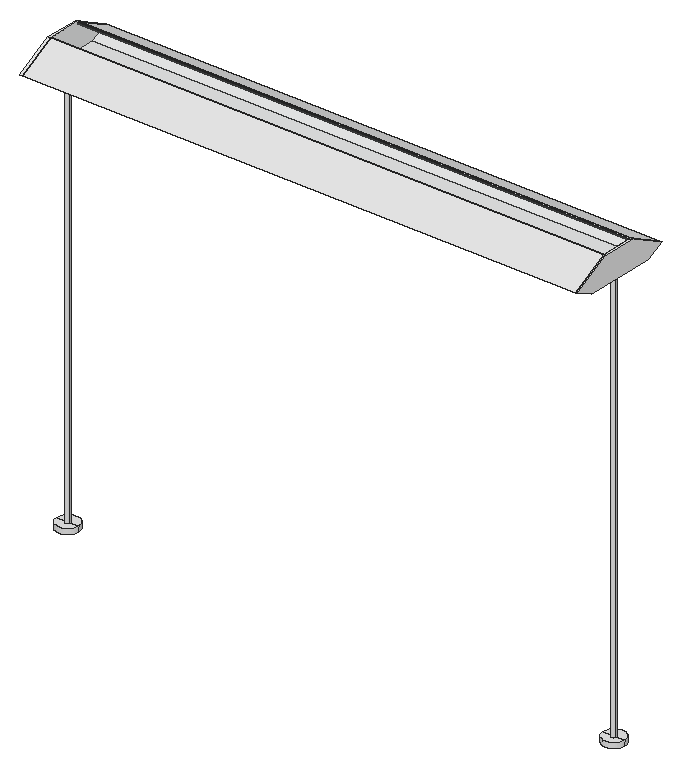
Revit family "L-11", category Lighting Fixtures, host Face, Revit 2012
Parameters (values of type "L-11-4'")
  Voltage = 120 V
  Pendant Height [instance] = 3' - 0"
  Pendant Gap [instance] = Length - 0' 1"  # 3' - 11"
  Nominal Watts = 40 W
  Length = 4' - 0"
  Wattage Comments = ""
  URL = "http://www.litecontrol.com/"
  Product Page URL = "http://www.litecontrol.com/knife"
  Product Documentation Link = "http://www.litecontrol.com/stuff/contentmgr/files/1/4904ddadbdbfda453e08b9f7fcc00b2b/file/p_id_l11__p_id_l12_knife.pdf"
  Model = "L11"  # constant formula
  Manufacturer Phone = "781-294-0100"  # constant formula
  Manufacturer Fax = "781-293-2849"  # constant formula
  Manufacturer = "Litecontrol Lighting"  # constant formula
  Lamp = "LED"
  Glass = White Glass
  Description = "An extremely versatile fixture family, Knife & Rail provide a wide range of light outputs, luminaire distributions and fixture designs to meet a variety of application needs. "  # constant formula
  Default Elevation = 4' - 0"
  Backbox = White
  Apparent Load = 0 VA
Types (3): name | Pendant Gap | Length
  (no name) | 3' - 11" | 4' - 0"
  L-11-4' | 3' - 11" | 4' - 0"
  L-11-8' | 7' - 11" | 8' - 0"
Reference planes (in)
  plane 1 "Center (Front/Back)": y = 13.01342
  plane 2: z = 0
  plane 3 "Center (Left/Right)": x = 0
  plane 4: z = 36
  plane 5: x = -24
  plane 6: x = 24
  plane 7: x = -23.5
  plane 8: x = 23.5
Forms (in)
  Revolve 1, solid, material "White" <- "Backbox"
    sketch origin (-5.75, 13.01342, 0) x (-1, 0, 0) y (0, 0, 1)
      loop
        line (-29.25, 36) -> (-29.25, 0) -> (-28.30327, 0) -> (-28.30327, 0.42674) -> (-29.05327, 0.42674) -> (-29.05327, 35.95144) -> (-29, 35.95144) -> (-29, 36) -> (-29.25, 36)
      axis (-29.25, 36) -> (-29.25, 0)
    angle from 0 to 360
  Revolve 2, solid, material "White" <- "Backbox"
    sketch origin (16, 13.01342, 0) x (1, 0, 0) y (0, 0, 1)
      loop
        line (-39.5, 36) -> (-39.5, 0) -> (-38.55327, 0) -> (-38.55327, 0.42674) -> (-39.30327, 0.42674) -> (-39.30327, 35.95144) -> (-39.25, 35.95144) -> (-39.25, 36) -> (-39.5, 36)
      axis (-39.5, 36) -> (-39.5, 0)
    angle from 0 to 360
Dimensions and locks (in)
  "Pendant Height": plane 4 to level
  equal spacing: plane 6, plane 3 "Center (Left/Right)", plane 5
  "Length": plane 6 to plane 5
  locked: Revolve 1 sketch curve to Revolve 1 sketch curve at 0.04856
  locked: Revolve 1 sketch curve to Revolve 1 sketch curve at 0.42674
  locked: Revolve 1 sketch curve to Revolve 1 sketch curve at 0.75
  locked: Revolve 1 sketch curve to Revolve 1 sketch curve at 0.05327
  locked: Revolve 1 sketch curve to Revolve 1 sketch curve at 0.19673
  locked: Revolve 2 sketch curve to Revolve 2 sketch curve at 0.04856
  locked: Revolve 2 sketch curve to Revolve 2 sketch curve at 0.42674
  locked: Revolve 2 sketch curve to Revolve 2 sketch curve at 0.75
  locked: Revolve 2 sketch curve to Revolve 2 sketch curve at 0.05327
  locked: Revolve 2 sketch curve to Revolve 2 sketch curve at 0.19673
  equal spacing: plane 8, plane 3 "Center (Left/Right)", plane 7
  "Pendant Gap": plane 8 to plane 7
  aligned and locked: plane 2 to host face
  aligned and locked: level to host face
  aligned and locked: Revolve 1 sketch curve to Revolve 1 sketch curve
  aligned and locked: Revolve 2 sketch curve to Revolve 2 sketch curve
  aligned and locked: Revolve 2 sketch curve to plane 7
  aligned and locked: Revolve 1 sketch curve to plane 8
  aligned and locked: Revolve 2 sketch curve to plane 4
  aligned and locked: level to Revolve 2 sketch curve
  aligned and locked: plane 4 to Revolve 1 sketch curve
  aligned and locked: Revolve 1 sketch curve to level
  aligned and locked: plane 3 "Center (Left/Right)" to nested 1
  aligned and locked: plane 1 "Center (Front/Back)" to nested 1
Automatic sketch dimensions
  host sketch curve to host sketch curve = 8' - 0"  (x2)
  Revolve 1 sketch curve to Revolve 1 sketch curve = 0' - 2.74446"
  Revolve 1 sketch curve to Revolve 1 sketch curve = 0' - 10.57881"
  Revolve 2 sketch curve to Revolve 2 sketch curve = 0' - 9.03383"
  Revolve 2 sketch curve to Revolve 2 sketch curve = 0' - 11.53943"
Nested families (in)
  nested 1: "L11 Light" at (-0.01104, 12.97343, 36), Glass <- "Glass", Backbox <- "Backbox", Length <- "Length", type "L11 Light"
    with Length 4' - 0", Glass White Glass, Backbox White
Connectors (in)
  electrical at (0, 13.01342, 36), driven by "Voltage", driven by "Description"
    settings: on nested 1, index 1, voltage 120 V, apparent load 0 VA, apparent load phase1 0 VA, apparent load phase2 0 VA, apparent load phase3 0 VA, power factor 1, load classification "Other", number of poles 1, system type 30, power factor state 1, is connector primary yes, connector utility no, sub classification motor no, connector description "An extremely versatile fixture family, Knife & Rail provide a wide range of light outputs, luminaire distributions and fixture designs to meet a variety of application needs. "
Definition of nested family "L11 Light"
  Parameters (values of type "L11 Light")
    Wattage Comments = "235W"
    URL = "http://www.columbialighting.com/"
    Product Page URL = "http://www.columbialighting.com/products/lhv"
    Product Documentation Link = "http://www.columbialighting.com/content/products/specs/specs_files/lhv4_4.pdf"
    Model = "LLHV"  # constant formula
    Manufacturer Phone = "864-678-1000"  # constant formula
    Manufacturer Fax = "866-898-1065"  # constant formula
    Manufacturer = "Columbia Lighting"  # constant formula
    Length [instance] = 4' - 0"
    Lamp = "LED"
    Glass [instance] = Glass
    Description = "VersaBay® luminaires are the new industry standard for fluorescent high bay lighting with Advanced Thermal Management, serviceability, and performance that is unrivaled in the marketplace."  # constant formula
    Default Elevation = 4' - 0"
    Backbox [instance] = White
    Apparent Load = 0 VA
  Reference planes (in)
    plane 1 "Center (Front/Back)": y = 0.03999
    plane 2: z = 0
    plane 3 "Center (Left/Right)": x = 0.01104
    plane 4: y = 8.13374
    plane 5: y = -8.05376
    plane 6: z = 2.25
    plane 7: z = 2.125
    plane 8: x = -23.98896
    plane 9: x = 24.01104
    plane 10: x = -23.78896
    plane 11: x = 23.81104
    plane 12: y = 4.53999
    plane 13: y = -4.46001
    plane 14: y = 1.41499
    plane 15: y = -1.33501
    plane 16: through (0, 1.63872, 2.19102) normal (0, -0.4591, -0.8884)
    plane 17: through (0, 4.24025, 0.70572) normal (0, 0.4591, 0.8884)
    plane 18: through (0, -4.45192, 0.69569) normal (0, 0.4591, -0.8884)
    plane 19: through (0, -1.33501, 2.16594) normal (0, -0.4591, 0.8884)
    plane 20: z = 0.125
    plane 21: through (0, -2.96001, 0) normal (0, 0.4226, 0.9063)
    plane 22: through (0, -4.16851, 0.70146) normal (0, -0.4226, -0.9063)
    plane 23: through (0, 3.01228, 0.125) normal (0, 0.4226, -0.9063)
    plane 24: through (0, 4.5319, 0.69569) normal (0, -0.4226, 0.9063)
  Forms (in)
    Extrusion 1, solid
      sketch origin (0, 0, 0.06357) x (1, 0, 0) y (0, 1, 0)
        loop
          line (-48, 48) -> (-48, -48) -> (48, -48) -> (48, 48) -> (-48, 48)
      from -0.06357 to -12.81105
    Extrusion 2, solid, material "White" <- "Backbox"
      sketch origin (23.81104, -180, 29.46954) x (0, 0, 1) y (0, -1, 0)
        loop
          line (-29.46954, -177.03999) -> (-29.46954, -183.03999) -> (-28.77385, -184.5319) -> (-27.21954, -181.5246) -> (-27.21954, -178.55538) -> (-28.77385, -175.54808) -> (-29.46954, -177.03999)
      from 0 to 0.2
    Extrusion 3, solid, material "White" <- "Backbox"
      sketch origin (-23.78896, -180, 28.85133) x (0, 0, 1) y (0, -1, 0)
        loop
          line (-26.60133, -181.5246) -> (-26.60133, -178.55538) -> (-28.15564, -175.54808) -> (-28.85133, -177.03999) -> (-28.85133, -183.03999) -> (-28.15564, -184.5319) -> (-26.60133, -181.5246)
      from 0 to -0.2
    Extrusion 4, solid, material "Glass" <- "Glass"
      sketch origin (-23.78896, 8.13374, 2) x (0, -1, 0) y (1, 0, 0)
        loop
          line (6.71875, 0) -> (9.46875, 0) -> (9.46875, 47.6) -> (6.71875, 47.6) -> (6.71875, 0)
      from 0.25 to 0.125
    Extrusion 5, solid, material "White" <- "Backbox"
      sketch origin (0.01104, 0, 0) x (0, 1, 0) y (0, 0, 1)
        loop
          line (-2.96001, 0) -> (3.03999, 0) -> (4.5319, 0.69569) -> (1.5246, 2.25) -> (1.41499, 2.25) -> (1.41499, 2.16594) -> (4.2485, 0.70146) -> (3.01228, 0.125) -> (-2.9323, 0.125) -> (-4.16851, 0.70146) -> (-1.33501, 2.16594) -> (-1.33501, 2.25) -> (-1.44462, 2.25) -> (-4.45192, 0.69569) -> (-2.96001, 0)
      from -23.8 to 23.8
  Cuts and joins
    joined: Extrusion 2, Extrusion 3
  Dimensions and locks (in)
    locked: plane 6 to Extrusion 1 at 2.25
    locked: plane 6 to plane 7 at 0.125
    "Length": plane 9 to plane 8
    locked: plane 10 to plane 8 at 0.2
    locked: plane 9 to plane 11 at 0.2
    equal spacing: plane 9, plane 3 "Center (Left/Right)", plane 8
    locked: plane 12 to plane 13 at 9
    equal spacing: plane 12, plane 1 "Center (Front/Back)", plane 13
    locked: plane 16 to plane 17 at 0.125
    locked: plane 18 to plane 19 at 0.125
    locked: plane 20 to Extrusion 1 at 0.125
    locked: plane 22 to plane 21 at 0.125
    locked: plane 23 to plane 24 at 0.125
    locked: plane 14 to plane 15 at 2.75
    equal spacing: plane 14, plane 1 "Center (Front/Back)", plane 15
    locked: Extrusion 1 to plane 17 (angle 27.332°)
    locked: plane 18 to Extrusion 1 (angle 27.332°)
    locked: plane 24 to Extrusion 1 (angle 25.00°)
    locked: Extrusion 1 to plane 21 (angle 25.00°)
    aligned and locked: plane 2 to Extrusion 1
    aligned and locked: Extrusion 2 to level
    aligned and locked: plane 9 to cut or joined group of Extrusion 2, Extrusion 3
    aligned and locked: cut or joined group of Extrusion 2, Extrusion 3 to plane 8
    aligned and locked: Extrusion 5 to plane 10
    aligned and locked: plane 11 to Extrusion 5
    aligned and locked: Extrusion 2 sketch curve to plane 6
    aligned and locked: Extrusion 3 sketch curve to plane 6
    aligned and locked: cut or joined group of Extrusion 2, Extrusion 3 to Extrusion 4
    aligned and locked: Extrusion 4 to plane 7
    aligned and locked: Extrusion 1 to Extrusion 5 sketch curve
    aligned and locked: Extrusion 5 to plane 17
    aligned and locked: Extrusion 5 to plane 16
    aligned and locked: Extrusion 5 to plane 18
    aligned and locked: Extrusion 5 to plane 19
    aligned and locked: Extrusion 5 to plane 21
    aligned and locked: Extrusion 5 to plane 22
    aligned and locked: Extrusion 5 to plane 23
    aligned and locked: Extrusion 5 to plane 24
    aligned and locked: plane 14 to Extrusion 4 sketch curve
    aligned and locked: plane 15 to Extrusion 4 sketch curve
    aligned and locked: Extrusion 1 to Extrusion 3 sketch curve
    aligned and locked: Extrusion 2 sketch curve to plane 18
    aligned and locked: Extrusion 2 sketch curve to plane 21
    aligned and locked: Extrusion 2 sketch curve to plane 24
    aligned and locked: Extrusion 2 sketch curve to plane 16
    aligned and locked: Extrusion 3 to Extrusion 4
    aligned and locked: Extrusion 2 to Extrusion 4
    aligned and locked: Extrusion 2 to plane 11
    aligned and locked: Extrusion 3 to Extrusion 2  (x4)
  Automatic sketch dimensions
    Extrusion 1 sketch curve to Extrusion 1 sketch curve = 8' - 0"  (x2)
    Extrusion 4 sketch curve to plane 10 = 0' - 0"
    Extrusion 4 sketch curve to plane 11 = 0' - 0"
    Extrusion 5 sketch curve to plane 6 = 0' - 0"  (x2)
    Extrusion 5 sketch curve to plane 15 = 0' - 0"
    Extrusion 5 sketch curve to plane 14 = 0' - 0"
    Extrusion 5 sketch curve to Extrusion 5 sketch curve = 0' - 0.10961"
    level to Extrusion 5 sketch curve = 0' - 0 1/8"
    plane 13 to Extrusion 5 sketch curve = 0' - 1.52771"
    Extrusion 5 sketch curve to Extrusion 5 sketch curve = 0' - 0.02771"  (x2)
    plane 13 to Extrusion 5 sketch curve = 0' - 0.00809"
    Extrusion 5 sketch curve to plane 14 = 0' - 0.10961"
    plane 12 to Extrusion 5 sketch curve = 0' - 1.52771"
    plane 12 to Extrusion 5 sketch curve = 0' - 0.29149"
    plane 12 to Extrusion 5 sketch curve = 0' - 0.00809"
    level to Extrusion 5 sketch curve = 0' - 0.69569"  (x2)
    Extrusion 5 sketch curve to Extrusion 5 sketch curve = 0' - 0.00577"  (x2)
    Extrusion 5 sketch curve to plane 6 = 0' - 0.08406"  (x2)
    Extrusion 5 sketch curve to Extrusion 5 sketch curve = 0' - 0.28341"
    Extrusion 3 sketch curve to plane 16 = 0' - 0"  (x2)
    Extrusion 3 sketch curve to plane 24 = 0' - 0"  (x2)
    Extrusion 3 sketch curve to plane 18 = 0' - 0"  (x2)
    Extrusion 3 sketch curve to plane 21 = 0' - 0"  (x2)
    Extrusion 2 sketch curve to level = 0' - 0"
